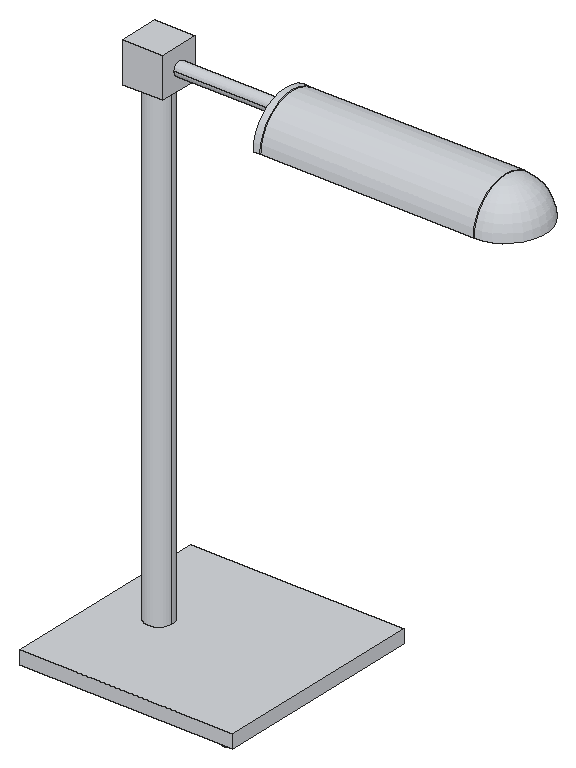
Revit family
Parameters (values of type "20 watt U-Bent Fluorescent")
  Wattage = 8.07853 W
  built-in parameter 1150110 = 1 (stored number, unit not read)
  built-in parameter 1114217 = 1 (stored number, unit not read)
  built-in parameter 1150109 = 1 (stored number, unit not read)
  built-in parameter 1150134 = 3
  built-in parameter 1150113 = 1 (stored number, unit not read)
  built-in parameter 1150105 = 95.493 (stored number, unit not read)
  built-in parameter 1150115 = 1 (stored number, unit not read)
  Light Source Symbol Size = 609.6 mm
  built-in parameter 1150137 = (empty or 0)
  built-in parameter 1150139 = (empty or 0)
  built-in parameter 1150112 = 1 (stored number, unit not read)
  built-in parameter 1150114 = 1 (stored number, unit not read)
  Keynote = "V"
  built-in parameter 1150132 = 2
  built-in parameter 1150102 = (empty or 0)
  built-in parameter 1150107 = 3200 (stored number, unit not read)
  built-in parameter 1150138 = (empty or 0)
  built-in parameter 1150106 = 0.95493 (stored number, unit not read)
  built-in parameter 1150104 = 13.8 (stored number, unit not read)
  Dimming Lamp Color Temperature Shift = (empty or 0)
  Color Filter = 16777215
  built-in parameter 1114218 = 1 (stored number, unit not read)
  built-in parameter 1150133 = 10 (stored number, unit not read)
  Assembly Code = "D5020210"
  Lumens = 1200 lm
  Material Shade = none
  Material Stand = none
  Wattage Comments = "20"
Reference planes
  plane 1 "Light Source Axis": y = 0
  plane 2: z = 0
  plane 3 "Center L/R": x = 0
  plane 4: x = -82.55
  plane 5: x = 82.55
  plane 6 "Light Source Axis": x = 167.54
  plane 7 "Light Source Elevation": z = 500.74
Forms (mm)
  Extrusion 1, solid, material <- "Material Stand"
    sketch origin (0, 0, 0) x (1, 0, 0) y (0, 1, 0)
      loop
        line (-101.6, 101.6) -> (-101.6, -101.6) -> (101.6, -101.6) -> (101.6, 101.6) -> (-101.6, 101.6)
    from 12.7 to 25.4
  Revolve 2, solid, material <- "Material Stand"
    sketch origin (-0.74, 81.425, 0) x (1, 0, 0) y (0, 0, 1)
      loop
        arc (82.55, 0.155) -> (88.93, 5.036) -> (91.334, 12.7) r 13.295
        line (91.334, 12.7) -> (82.55, 12.7) -> (82.55, 0.155)
      axis (82.55, 12.7) -> (82.55, 0.155)
    angle from 0 to 360
  Revolve 3, solid, material <- "Material Stand"
    sketch origin (-165.811, 82.165, 0) x (1, 0, 0) y (0, 0, 1)
      loop
        arc (82.55, 0.155) -> (88.93, 5.036) -> (91.334, 12.7) r 13.295
        line (91.334, 12.7) -> (82.55, 12.7) -> (82.55, 0.155)
      axis (82.55, 12.7) -> (82.55, 0.155)
    angle from 0 to 360
  Revolve 4, solid, material <- "Material Stand"
    sketch origin (-166.551, -82.906, 0) x (1, 0, 0) y (0, 0, 1)
      loop
        arc (82.55, 0.155) -> (88.93, 5.036) -> (91.334, 12.7) r 13.295
        line (91.334, 12.7) -> (82.55, 12.7) -> (82.55, 0.155)
      axis (82.55, 12.7) -> (82.55, 0.155)
    angle from 0 to 360
  Revolve 5, solid, material <- "Material Stand"
    sketch origin (0, -85.126, 0) x (1, 0, 0) y (0, 0, 1)
      loop
        arc (82.55, 0.155) -> (88.93, 5.036) -> (91.334, 12.7) r 13.295
        line (91.334, 12.7) -> (82.55, 12.7) -> (82.55, 0.155)
      axis (82.55, 12.7) -> (82.55, 0.155)
    angle from 0 to 360
  Extrusion 6, solid, material <- "Material Stand"
    sketch origin (0, 0, 0) x (1, 0, 0) y (0, 0, 1)
      loop
        line (-69.85, 482.6) -> (-31.75, 482.6) -> (-31.75, 520.7) -> (-69.85, 520.7) -> (-69.85, 482.6)
    from -19.05 to 19.05
  Extrusion 7, solid, material <- "Material Stand"
    sketch origin (0, 0, 25.4) x (1, 0, 0) y (0, 1, 0)
      loop
        circle (-50.44, 0) r 12.7
    from 0 to 457.2
  Extrusion 8, solid, material <- "Material Stand"
    sketch origin (-31.75, -19.05, 482.6) x (0, 1, 0) y (0, 0, 1)
      loop
        circle (19.05, 19.346) r 6.35
    from 0 to 152.4
  Extrusion 9, solid, material <- "Material Stand"
    sketch origin (120.65, -19.05, 482.6) x (0, 1, 0) y (0, 0, 1)
      loop
        arc (57.545, 0) -> (19.445, 38.1) -> (-18.655, 0) r 38.1
        line (-18.655, 0) -> (57.545, 0)
    from -50.8 to -44.45
  Extrusion 10, solid
    sketch origin (76.2, -19.05, 482.6) x (0, 1, 0) y (0, 0, 1)
      loop
        arc (57.545, 0) -> (19.445, 38.1) -> (-18.655, 0) r 38.1
        line (-18.655, 0) -> (-12.305, 0)
        arc (-12.305, 0) -> (19.445, 31.75) -> (51.195, 0) r 31.75
        line (51.195, 0) -> (57.545, 0)
    from 0 to 203.2
  Revolve 11, solid
    sketch origin (279.4, -19.05, 482.6) x (0, 1, 0) y (0, 0, 1)
      loop
        arc (57.545, 0) -> (46.386, 26.941) -> (19.445, 38.1) r 38.1
        line (19.445, 38.1) -> (19.445, 31.75)
        arc (19.445, 31.75) -> (41.896, 22.451) -> (51.195, 0) r 31.75
        line (51.195, 0) -> (57.545, 0)
      axis (19.445, 38.1) -> (19.445, 0)
    angle from 0 to -180
Lines and regions (mm)
  symbolic lines
    curve 1: line (-101.6, 101.6, 0) -> (101.6, 101.6, 0)
    curve 2: line (-101.6, 101.6, 0) -> (-101.6, -101.6, 0)
    curve 3: line (-101.6, -101.6, 0) -> (101.6, -101.6, 0)
    curve 4: line (101.6, 101.6, 0) -> (101.6, -101.6, 0)
    curve 5: arc (-76.911, 82.165, 0) -> (-83.261, 88.515, 0) -> (-89.611, 82.165, 0) r 6.35
    curve 6: arc (-89.611, 82.165, 0) -> (-83.261, 75.815, 0) -> (-76.911, 82.165, 0) r 6.35
    curve 7: arc (88.16, 81.425, 0) -> (81.81, 87.775, 0) -> (75.46, 81.425, 0) r 6.35
    curve 8: arc (75.46, 81.425, 0) -> (81.81, 75.075, 0) -> (88.16, 81.425, 0) r 6.35
    curve 9: arc (88.9, -85.126, 0) -> (82.55, -78.776, 0) -> (76.2, -85.126, 0) r 6.35
    curve 10: arc (76.2, -85.126, 0) -> (82.55, -91.476, 0) -> (88.9, -85.126, 0) r 6.35
    curve 11: arc (-77.651, -82.906, 0) -> (-84.001, -76.556, 0) -> (-90.351, -82.906, 0) r 6.35
    curve 12: arc (-90.351, -82.906, 0) -> (-84.001, -89.256, 0) -> (-77.651, -82.906, 0) r 6.35
    curve 13: arc (-38.046, 0, 0) -> (-51.311, 13.266, 0) -> (-64.577, 0, 0) r 13.266
    curve 14: arc (-64.577, 0, 0) -> (-51.311, -13.266, 0) -> (-38.046, 0, 0) r 13.266
    curve 15: line (-38.046, 0, 0) -> (69.85, 0, 0)
    curve 16: line (69.85, 38.495, 0) -> (69.85, -37.705, 0)
    curve 17: line (69.85, -37.705, 0) -> (279.4, -37.705, 0)
    curve 18: line (69.85, 38.495, 0) -> (279.4, 38.495, 0)
    curve 19: arc (279.4, 38.495, 0) -> (317.5, 0.395, 0) -> (279.4, -37.705, 0) r 38.1
Dimensions and locks
  aligned and locked: imposter light to plane 3 "Center L/R"
  aligned and locked: plane 1 "Light Source Axis" to imposter light
  aligned and locked: plane 7 "Light Source Elevation" to imposter light
